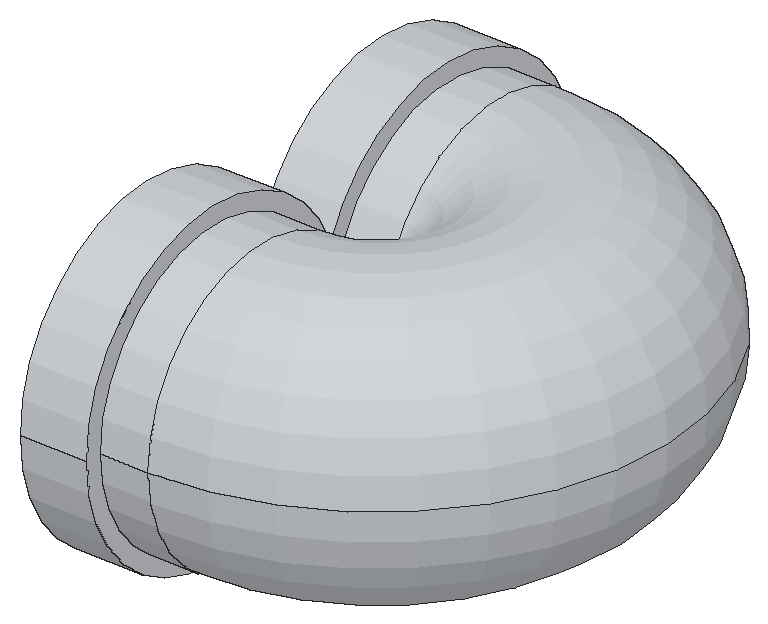
Revit family "M_Return Bend Closed-Pattern - Threaded - MI - Class 150", category Pipe Fittings, Revit 2014
Parameters (values of type "Standard")
  Tick Size [instance] = Fitting Outside Diameter * 0.4  # 10.88 mm
  Thread Length [instance] = size_lookup(Lookup Table Name, "TLgt", 0.19 * Nominal Diameter + 9.624 mm, Nominal Diameter)  # 10.9 mm
  Nominal Radius [instance] = 7.5 mm
  Nominal Diameter [instance] = Nominal Radius * 2  # 15 mm
  Metal Thickness [instance] = size_lookup(Lookup Table Name, "MThk", 0.06 * Nominal Diameter + 2.282 mm, Nominal Diameter)  # 2.95 mm
  Lookup Table Name = "M_Return Bend Closed-Pattern - Threaded - MI - Class 150"
  Length 1 [instance] = Fitting Inside Diameter + 2 * Metal Thickness + 0.794 mm  # 27.994 mm
  Half Center to Center [instance] = 0.5 * Center to Center  # 13.997 mm
  Fitting Outside Radius [instance] = Fitting Outside Diameter / 2  # 13.6 mm
  Fitting Outside Diameter [instance] = Fitting Inside Diameter + Metal Thickness * 2  # 27.2 mm
  Fitting Inside Diameter [instance] = size_lookup(Lookup Table Name, "FID", 1.06 * Nominal Diameter + 6.052 mm, Nominal Diameter)  # 21.3 mm
  Center to Center [instance] = if(Center to Center 1 > Fitting Inside Diameter + 2 * Metal Thickness, Center to Center 1, Length 1)  # 27.994 mm
  Center to Center 1 [instance] = size_lookup(Lookup Table Name, "CtC", 1.18 * Nominal Diameter + 7.938 mm, Nominal Diameter)  # 25.4 mm
  Band Width [instance] = size_lookup(Lookup Table Name, "BWid", 0.12 * Nominal Diameter + 4.564 mm, Nominal Diameter)  # 6.3 mm
  Band Outside Radius [instance] = Band Outside Diameter / 2  # 15.2 mm
  Band Outside Diameter [instance] = size_lookup(Lookup Table Name, "BOD", 1.22 * Nominal Diameter + 13.295 mm, Nominal Diameter)  # 30.4 mm
Reference planes
  plane 1 "Center (Front/Back)": y = 0
  plane 2: z = 0
  plane 3 "Center (Left/Right)": x = 0
  plane 4: y = -27.994
  plane 5: x = 6.3
  plane 6: x = 10.9
  plane 7: y = -13.997
Forms (mm)
  Sweep 1, solid, detail levels fine
    path origin (0, 0, 0) x (1, 0, 0) y (0, 1, 0)
      loop
        line (0, 0) -> (6.3, 0)
    profile origin (3.15, 0, 0) x (0, 1, 0) y (0, 0, 1)
      loop
        circle (0, 0) r 15.2
  Sweep 2, solid, detail levels fine
    path origin (0, 0, 0) x (1, 0, 0) y (0, 1, 0)
      loop
        line (0, -27.994) -> (6.3, -27.994)
    profile origin (3.15, -27.994, 0) x (0, 1, 0) y (0, 0, 1)
      loop
        circle (0, 0) r 15.2
  Sweep 3, solid, detail levels fine
    path origin (0, 0, 0) x (1, 0, 0) y (0, 1, 0)
      loop
        line (6.3, 0) -> (10.9, 0)
        arc (10.9, 0) -> (24.897, -13.997) -> (10.9, -27.994) r 13.997
        line (10.9, -27.994) -> (6.3, -27.994)
    profile origin (24.897, -13.997, 0) x (1, 0, 0) y (0, 0, 1)
      loop
        circle (0, 0) r 13.6
Cuts and joins
  joined: Sweep 1, Sweep 2, Sweep 3
Lines and regions (mm)
  model lines, detail levels coarse+medium
    curve 1: line (0, -27.994, 0) -> (10.9, -27.994, 0)
    curve 2: line (0, 0, 0) -> (10.9, 0, 0)
    curve 3: arc (10.9, 0, 0) -> (24.897, -13.997, 0) -> (10.9, -27.994, 0) r 13.997
    curve 4: line (0, 10.88, 0) -> (0, -10.88, 0)
    curve 5: line (0, -17.114, 0) -> (0, -38.874, 0)
Dimensions and locks
  "Center to Center": plane 4 to plane 1 "Center (Front/Back)"
  "Band Width": plane 3 "Center (Left/Right)" to plane 5
  "Thread Length": plane 3 "Center (Left/Right)" to plane 6
  equal spacing: plane 4, plane 7, plane 1 "Center (Front/Back)"
  "Tick Size": curve 4 to curve 2  (x2)
  "Tick Size": curve 5 to curve 1
  "Tick Size": curve 1 to curve 5
  "Band Outside Radius": radius of Sweep 1 sketch curve
  "Band Outside Radius": radius of Sweep 2 sketch curve
  "Half Center to Center": radius of Sweep 3 sketch curve
  "Fitting Outside Radius": radius of Sweep 3 sketch curve
  "Half Center to Center": radius of curve 3
  aligned and locked: plane 3 "Center (Left/Right)" to Sweep 1 sketch curve
  aligned and locked: plane 5 to Sweep 1 sketch curve
  aligned and locked: plane 1 "Center (Front/Back)" to Sweep 1 sketch curve  (x2)
  aligned and locked: plane 2 to Sweep 1 sketch curve
  aligned and locked: plane 3 "Center (Left/Right)" to Sweep 2 sketch curve
  aligned and locked: Sweep 2 sketch curve to plane 4
  aligned and locked: plane 2 to Sweep 2 sketch curve
  aligned and locked: plane 4 to Sweep 2 sketch curve
  aligned and locked: plane 7 to Sweep 3 sketch curve
  aligned and locked: plane 6 to Sweep 3 sketch curve
  aligned and locked: Sweep 1 to Sweep 3 sketch curve
  aligned and locked: plane 1 "Center (Front/Back)" to Sweep 3 sketch curve
  aligned and locked: Sweep 2 to Sweep 3 sketch curve
  aligned and locked: Sweep 3 sketch curve to plane 4
  aligned and locked: plane 7 to curve 3
  aligned and locked: plane 6 to curve 3
  aligned and locked: plane 1 "Center (Front/Back)" to curve 2
  aligned and locked: curve 1 to plane 4
  aligned and locked: curve 4 to plane 3 "Center (Left/Right)"
  aligned and locked: curve 5 to plane 3 "Center (Left/Right)"
  aligned and locked: plane 6 to curve 2
  aligned and locked: plane 6 to curve 1
Automatic sketch dimensions
  Sweep 2 sketch curve to plane 5 = 0 mm
  Sweep 3 sketch curve to level = 0 mm
  Sweep 3 sketch curve to profile plane = 0 mm
Connectors
  piping at (0, 0, 0), diameter 15, driven by "Nominal Radius"
    settings: on Sweep 1, index 1, connector inside diameter 15 mm, connector length 0 mm, flow factor 0, pipe flow 0.0 L/s, pressure drop 0.0 Pa, fitting loss kfactor 0, connector angle 0.00°, fixture units 0, engagement length 0 mm, angle of deflection 0.00°, flow configuration 0, flow direction 0, fitting loss method 0, system type 28, joint type 0, gender type 0, connector reference index 2, connector utility 0, adjustable connector no, is connector primary yes, connector description ""
  piping at (0, -27.994, 0), diameter 15, driven by "Nominal Radius"
    settings: on Sweep 2, index 2, connector inside diameter 15 mm, connector length 0 mm, flow factor 0, pipe flow 0.0 L/s, pressure drop 0.0 Pa, fitting loss kfactor 0, connector angle 0.00°, fixture units 0, engagement length 0 mm, angle of deflection 0.00°, flow configuration 0, flow direction 0, fitting loss method 0, system type 28, joint type 0, gender type 0, connector reference index 1, connector utility 0, adjustable connector no, is connector primary no, connector description ""
